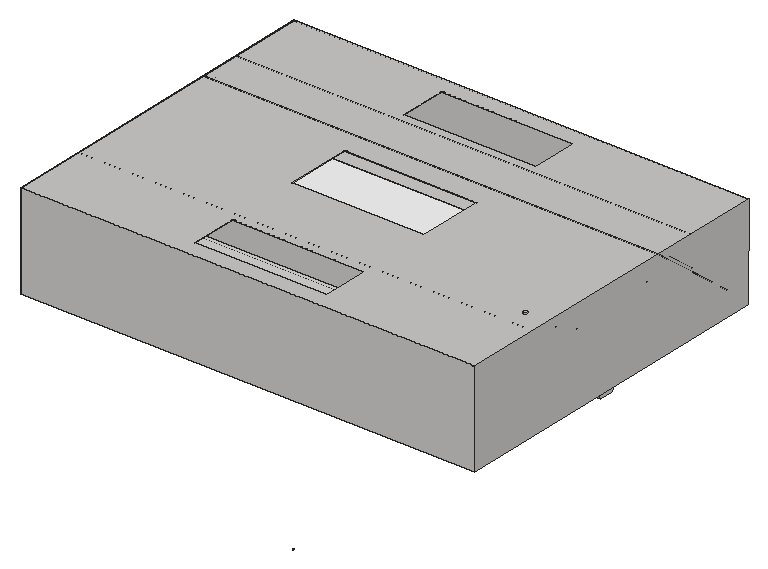
Revit family "QF_ELECTROLUXPROFESSIONAL_640235_STCF1824", category Attrezzature speciali, Revit 2021
Family settings
  Quota connettore circolare = Usa diametro
  Tipo di parte = Normale
  Basato su piano di lavoro = No
  Sempre verticale = Sì
  Taglio con vuoti quando caricato = No
  Condiviso = No
  Punto di calcolo locali = No
Parameters (values of type "Standard")
  Weight = 188.00 kg
  Watts = 320 W
  Volts = 220 V
  URL Manufacturer = "https://www.electroluxprofessional.com/"
  URL = "https://www.electroluxprofessional.com/"
  Steam Supply Size = 0 mm
  Steam Supply Minimum Pressure = 0.0 Pa
  Steam Supply Maximum Pressure = 0.0 Pa
  Steam Consumption per Hour = 0
  Refrigeration Suction Line Size = 0 mm
  Refrigeration Liquid Line Size = 0 mm
  Refrigerant Compressor Remote = yes
  Prospetto di default = 0 mm
  Produttore = "Electrolux Professional"
  Phase = 1
  Modello = "STCF1824"
  Length Actual = 2400 mm  # constant formula
  Item Number = "640235"
  Hot Water Size = 0 mm
  Height Actual = 500 mm  # constant formula
  HP = "0.4 HP"
  Gas Size = 0 mm
  Gas KW = 0
  Gas Input Pressure = 0 W
  Direct Waste Size = 0 mm
  Descrizione = "304 S/S ISLAND HOOD+FILT.+LAMPS 240X180"
  Depth Actual = 1800 mm  # constant formula
  Cycle = 50 Hz
  Condensate Return Size = 0 mm
  Compressed Air Volume = 0.0 L/s
  Compressed Air Size = 0 mm
  Compressed Air Pressure = 0.0 Pa
  Cold Water Size = 0 mm
  Accessory = yes
Reference planes
  plane 1: z = 0
  plane 2 "Center (Left/Right)": x = 150
  plane 3 "LEFT": x = -1050
  plane 4 "RIGHT": x = 1350
  plane 5 "BACK": y = 550
  plane 6 "TOP": z = 2500
  plane 7 "Base": z = 2000
  plane 8: z = 1955
  plane 9: x = -1047
  plane 10 "DrainX": x = 1230
  plane 11 "AOLeft2": x = 500
  plane 12: x = 1347
  plane 13: x = -850
  plane 14: x = 1150
  plane 15 "Center (Front/Back)": y = -350
  plane 16 "Front": y = -1250
  plane 17 "AOLeft1": x = -200
  plane 18 "EI_y": y = -770
  plane 19 "EIx": x = 1230
  plane 20: y = 464
  plane 21: y = 214
  plane 22: y = -1164
  plane 23: y = -914
  plane 24: y = -175
  plane 25: y = -525
Forms (mm)
  Extrusion 1, solid, material "QF_Finishes_Stainless Steel"
    sketch origin (-1050, 0, 360) x (0, 1, 0) y (0, 0, 1)
      loop
        line (550, 1640) -> (550, 2140) -> (-1250, 2140) -> (-1250, 1640) -> (550, 1640)
    from 0 to 3
  Extrusion 2, solid, material "QF_Finishes_Stainless Steel"
    sketch origin (1350, 0, 360) x (0, 1, 0) y (0, 0, 1)
      loop
        line (550, 1640) -> (550, 2140) -> (-1250, 2140) -> (-1250, 1640) -> (550, 1640)
    from 0 to -3
  Extrusion 3, solid, material "QF_Finishes_Stainless Steel"
    sketch origin (150, 0, 360) x (0, 1, 0) y (0, 0, 1)
      loop
        line (-1250, 2140) -> (-1250, 1640) -> (-1240, 1640) -> (-1240, 1640.8) -> (-1249.2, 1640.8) -> (-1249.2, 2139.19) -> (549.2, 2139.19) -> (549.2, 1640.8) -> (540, 1640.8) -> (540, 1640) -> (550, 1640) -> (550, 2140) -> (-1250, 2140)
    from -1200 to 1200
  Extrusion 4, solid, material "QF_Finishes_Stainless Steel"
    sketch origin (0, -840, 2000) x (0, 1, 0) y (-1, 0, 0)
      loop
        circle (490, -1230) r 4.763
    from -30 to 0
  Extrusion 5, void
    sketch origin (0, 0, 2500) x (0, 1, 0) y (-1, 0, 0)
      loop
        line (-1164, -500) -> (-914, -500) -> (-914, 200) -> (-1164, 200) -> (-1164, -500)
    from 0 to -10
  Extrusion 6, solid, material "QF_Finishes_Stainless Steel"
    sketch origin (0, 0, 0) x (1, 0, 0) y (0, 1, 0)
      loop
        line (-1050, 550) -> (-1050, 549) -> (-1049, 549) -> (-1049, 550) -> (-1050, 550)
    from 0 to 1
  Sweep 7, solid, material "QF_Finishes_Stainless Steel"
    path origin (0, 0, 0) x (1, 0, 0) y (0, 1, 0)
      loop
        line (1350, 550) -> (-1050, 550) -> (-1050, -1250) -> (1350, -1250) -> (1350, 550)
    profile origin (1350, -350, 0) x (1, 0, 0) y (0, 0, 1)
      loop
        line (-3, 2000) -> (-3, 2000.8) -> (-19, 2000.8) -> (-19, 2010) -> (-20, 2010) -> (-20, 2000) -> (-3, 2000)
  Extrusion 8, solid, material "QF_Finishes_Stainless Steel"
    sketch origin (150, -826.94, 0) x (0, 1, 0) y (0, 0, 1)
      loop
        line (414.66, 2095.469) -> (440.643, 2110.471) -> (261.744, 2411.771) -> (235.948, 2396.455) -> (414.66, 2095.469)
    from -1197 to -1000
  Extrusion 9, solid, material "QF_Finishes_Stainless Steel"
    sketch origin (1230, -840, 0) x (0, 1, 0) y (0, 0, 1)
      loop
        line (539, 2000) -> (441, 2000) -> (441, 1989) -> (448.5, 1989) -> (448.5, 1965)
        arc (448.5, 1965) -> (451.429, 1957.929) -> (458.5, 1955) r 10
        line (458.5, 1955) -> (521.5, 1955)
        arc (521.5, 1955) -> (528.571, 1957.929) -> (531.5, 1965) r 10
        line (531.5, 1965) -> (531.5, 1989) -> (539, 1989) -> (539, 2000)
    from 90 to -90
  Extrusion 10, solid, material "QF_Finishes_Stainless Steel"
    sketch origin (150, -826.94, 0) x (0, 1, 0) y (0, 0, 1)
      loop
        line (414.66, 2095.469) -> (440.643, 2110.471) -> (261.744, 2411.771) -> (235.948, 2396.455) -> (414.66, 2095.469)
    from 1000 to 1197
  Extrusion 11, solid, material "QF_Finished_Chrome"
    sketch origin (150, -826.94, 0) x (0, 1, 0) y (0, 0, 1)
      loop
        line (414.66, 2095.469) -> (440.643, 2110.471) -> (261.744, 2411.771) -> (235.948, 2396.455) -> (414.66, 2095.469)
    from -1000 to 1000
  Extrusion 12, void
    sketch origin (0, 1180, 2500) x (0, 1, 0) y (-1, 0, 0)
      loop
        line (-1355, -500) -> (-1355, 200) -> (-1705, 200) -> (-1705, -500) -> (-1355, -500)
    from 0 to -10
  Extrusion 13, solid, material "QF_Finishes_Stainless Steel"
    sketch origin (0, 0, 2500) x (0, 1, 0) y (-1, 0, 0)
      loop
        circle (-770, -1230) r 10
    from 0 to 1.6
  Extrusion 14, solid, material "QF_Finishes_Stainless Steel"
    sketch origin (150, -826.94, 360) x (0, 1, 0) y (0, 0, 1)
      loop
        line (430.005, 1640) -> (476.94, 1640) -> (476.94, 1640.8) -> (430.467, 1640.8) -> (371.906, 1742.23) -> (414.858, 1734.657) -> (442.266, 1750.481) -> (442.266, 1765.943) -> (441.466, 1765.943) -> (441.466, 1750.943) -> (414.709, 1735.495) -> (321.153, 1751.991) -> (320.875, 1750.416) -> (371.4, 1741.507) -> (430.005, 1640)
      loop
        line (172.529, 2139.19) -> (242.893, 2017.316) -> (245.133, 2018.715) -> (240.13, 2027.381) -> (238.569, 2026.405) -> (173.453, 2139.19) -> (172.529, 2139.19)
    from -1197 to 1197
  Extrusion 15, solid, material "QF_LAMPS"
    sketch origin (150, 0, 360) x (0, 1, 0) y (0, 0, 1)
      loop
        line (-872.823, 1962.324) -> (-718.948, 2086.929) -> (-727.129, 2097.032) -> (-881.003, 1972.426) -> (-872.823, 1962.324)
    from 1197 to -1197
  Extrusion 16, solid, material "QF_Finishes_Stainless Steel"
    sketch origin (150, 0, 360) x (0, 1, 0) y (0, 0, 1)
      loop
        line (-1250, 2139.19) -> (-1250, 1640) -> (-1186.602, 1640) -> (-1099.146, 1690.493) -> (-1110.058, 1709.394) -> (-1166.564, 1676.77) -> (-1214.704, 1680.982) -> (-1249.2, 1730.248) -> (-1249.2, 2139.19) -> (-1250, 2139.19)
      loop
        line (-873.6, 1961.694) -> (-881.937, 1971.99) -> (-869.095, 1982.182) -> (-869.095, 2139.19) -> (-869.895, 2139.19) -> (-869.895, 1982.569) -> (-1182.298, 1734.63) -> (-1171.091, 1720.79) -> (-873.6, 1961.694)
      loop
        line (-727.61, 2099.216) -> (-718.171, 2087.559) -> (-654.411, 2139.19) -> (-655.682, 2139.19) -> (-718.052, 2088.684) -> (-726.989, 2099.719) -> (-727.61, 2099.216)
    from -1197 to 1197
  Extrusion 17, solid, material "QF_Finishes_Stainless Steel"
    sketch origin (150, 126.94, 360) x (0, -1, 0) y (0, 0, -1)
      loop
        line (430.005, -1640) -> (371.4, -1741.507) -> (320.875, -1750.416) -> (321.153, -1751.991) -> (414.709, -1735.495) -> (441.466, -1750.943) -> (441.466, -1765.943) -> (442.266, -1765.943) -> (442.266, -1750.481) -> (414.858, -1734.657) -> (371.906, -1742.23) -> (430.467, -1640.8) -> (476.94, -1640.8) -> (476.94, -1640) -> (430.005, -1640)
      loop
        line (172.529, -2139.19) -> (173.453, -2139.19) -> (238.569, -2026.405) -> (240.13, -2027.381) -> (245.133, -2018.715) -> (242.893, -2017.316) -> (172.529, -2139.19)
    from -1197 to 1197
  Extrusion 18, solid, material "QF_LAMPS"
    sketch origin (150, -700, 360) x (0, -1, 0) y (0, 0, -1)
      loop
        line (-872.823, -1962.324) -> (-881.003, -1972.426) -> (-727.129, -2097.032) -> (-718.948, -2086.929) -> (-872.823, -1962.324)
    from 1197 to -1197
  Extrusion 19, solid, material "QF_Finishes_Stainless Steel"
    sketch origin (150, -700, 360) x (0, -1, 0) y (0, 0, -1)
      loop
        line (-1250, -2139.19) -> (-1249.2, -2139.19) -> (-1249.2, -1730.248) -> (-1214.704, -1680.982) -> (-1166.564, -1676.77) -> (-1110.058, -1709.394) -> (-1099.146, -1690.493) -> (-1186.602, -1640) -> (-1250, -1640) -> (-1250, -2139.19)
      loop
        line (-873.6, -1961.694) -> (-1171.091, -1720.79) -> (-1182.298, -1734.63) -> (-869.895, -1982.569) -> (-869.895, -2139.19) -> (-869.095, -2139.19) -> (-869.095, -1982.182) -> (-881.937, -1971.99) -> (-873.6, -1961.694)
      loop
        line (-727.61, -2099.216) -> (-726.989, -2099.719) -> (-718.052, -2088.684) -> (-655.682, -2139.19) -> (-654.411, -2139.19) -> (-718.171, -2087.559) -> (-727.61, -2099.216)
    from -1197 to 1197
  Extrusion 20, solid, material "QF_Finishes_Stainless Steel"
    sketch origin (150, 126.94, 0) x (0, -1, 0) y (0, 0, -1)
      loop
        line (414.66, -2095.469) -> (235.948, -2396.455) -> (261.744, -2411.771) -> (440.643, -2110.471) -> (414.66, -2095.469)
    from -1197 to -1000
  Extrusion 21, solid, material "QF_Finishes_Stainless Steel"
    sketch origin (150, 126.94, 0) x (0, -1, 0) y (0, 0, -1)
      loop
        line (414.66, -2095.469) -> (235.948, -2396.455) -> (261.744, -2411.771) -> (440.643, -2110.471) -> (414.66, -2095.469)
    from 1000 to 1197
  Extrusion 22, solid, material "QF_Finished_Chrome"
    sketch origin (150, 126.94, 0) x (0, -1, 0) y (0, 0, -1)
      loop
        line (414.66, -2095.469) -> (235.948, -2396.455) -> (261.744, -2411.771) -> (440.643, -2110.471) -> (414.66, -2095.469)
    from -1000 to 1000
  Extrusion 23, void
    sketch origin (0, 814, 2500) x (0, 1, 0) y (-1, 0, 0)
      loop
        line (-600, -500) -> (-350, -500) -> (-350, 200) -> (-600, 200) -> (-600, -500)
    from 0 to -10
Cuts and joins
  Extrusion 5, Extrusion 12, Extrusion 23 cuts Extrusion 3
  joined: Extrusion 2, Extrusion 3, Sweep 7
Lines and regions (mm)
  symbolic lines, style "SpecialityEquipment", detail levels coarse
    curve 1: line (1350, 550, 2500) -> (-1050, 550, 2500)
    curve 2: line (-1050, 550, 2500) -> (-1050, -1250, 2500)
    curve 3: line (1350, -1250, 2500) -> (1350, 550, 2500)
    curve 4: line (-1050, 550, 0) -> (1350, -1250, 0)
    curve 5: line (1350, 550, 0) -> (-1050, -1250, 0)
    curve 6: line (-1050, -1250, 0) -> (1350, -1250, 0)
  symbolic lines, detail levels coarse
    curve 7: line (-200, 464, 2500) -> (500, 464, 2500)
    curve 8: line (-200, 214, 2500) -> (-200, 464, 2500)
    curve 9: line (500, 214, 2500) -> (-200, 214, 2500)
    curve 10: line (500, 464, 2500) -> (500, 214, 2500)
    curve 11: line (-200, -175, 2500) -> (500, -175, 2500)
    curve 12: line (-200, -525, 2500) -> (-200, -175, 2500)
    curve 13: line (500, -525, 2500) -> (-200, -525, 2500)
    curve 14: line (500, -175, 2500) -> (500, -525, 2500)
    curve 15: line (-200, -914, 2500) -> (500, -914, 2500)
    curve 16: line (-200, -1164, 2500) -> (-200, -914, 2500)
    curve 17: line (500, -1164, 2500) -> (-200, -1164, 2500)
    curve 18: line (500, -914, 2500) -> (500, -1164, 2500)
Dimensions and locks
  plane 3 "LEFT" to plane 4 "RIGHT" = 2400 mm
  equal spacing: plane 3 "LEFT", plane 2 "Center (Left/Right)", plane 4 "RIGHT"
  plane 7 "Base" to plane 8 = 45 mm
  plane 3 "LEFT" to plane 9 = 3 mm
  plane 10 "DrainX" to plane 4 "RIGHT" = 120 mm
  plane 12 to plane 4 "RIGHT" = 3 mm
  plane 3 "LEFT" to plane 13 = 200 mm
  plane 14 to plane 4 "RIGHT" = 200 mm
  locked: plane 7 "Base" to level at 2000
  locked: plane 6 "TOP" to plane 7 "Base" at 500
  equal spacing: plane 5 "BACK", plane 15 "Center (Front/Back)", plane 16 "Front"
  locked: plane 18 "EI_y" to plane 16 "Front" at 480
  locked: plane 19 "EIx" to plane 4 "RIGHT" at 120
  locked: plane 5 "BACK" to plane 20 at 86
  plane 20 to plane 21 = 250 mm
  locked: plane 22 to plane 16 "Front" at 86
  locked: plane 22 to plane 23 at 250
  plane 24 to plane 15 "Center (Front/Back)" = 175 mm
  plane 15 "Center (Front/Back)" to plane 25 = 175 mm
  locked: plane 5 "BACK" to plane 16 "Front" at 1800
  plane 5 "BACK" to plane 16 "Front" = 1800 mm
  plane 24 to plane 25 = 350 mm
  equal spacing: plane 17 "AOLeft1", plane 2 "Center (Left/Right)", plane 11 "AOLeft2"
  locked: plane 17 "AOLeft1" to plane 11 "AOLeft2" at 700
  aligned and locked: level to plane 1
  aligned and locked: plane 4 "RIGHT" to Extrusion 3
  aligned and locked: Extrusion 3 to plane 3 "LEFT"
  aligned and locked: Extrusion 2 to plane 12
  aligned and locked: Extrusion 8 to plane 9
  aligned and locked: plane 17 "AOLeft1" to Extrusion 5
  aligned and locked: Extrusion 5 to plane 11 "AOLeft2"
  aligned and locked: Extrusion 8 to plane 13
  aligned and locked: plane 14 to Extrusion 10
  aligned and locked: plane 12 to Extrusion 10
  aligned and locked: plane 13 to Extrusion 11
  aligned and locked: Extrusion 11 to plane 14
  aligned and locked: Extrusion 12 to plane 17 "AOLeft1"
  aligned and locked: Extrusion 12 to plane 11 "AOLeft2"
  aligned and locked: Extrusion 14 to plane 9
  aligned and locked: plane 12 to Extrusion 14
  aligned and locked: Extrusion 22 to plane 13
  aligned and locked: Extrusion 22 to plane 14
  aligned and locked: plane 22 to Extrusion 5
  aligned and locked: Extrusion 5 to plane 23
  aligned and locked: Extrusion 23 to plane 17 "AOLeft1"
  aligned and locked: Extrusion 23 to plane 11 "AOLeft2"
  aligned and locked: plane 24 to Extrusion 12
  aligned and locked: Extrusion 12 to plane 25
  aligned and locked: plane 20 to Extrusion 23
  aligned and locked: Extrusion 23 to plane 21
  aligned and locked: Extrusion 19 to plane 9
  aligned and locked: Extrusion 18 to plane 9
  aligned and locked: Extrusion 17 to plane 9
  aligned and locked: plane 9 to Extrusion 20
  aligned and locked: Extrusion 16 to plane 9
  aligned and locked: Extrusion 15 to plane 9
  aligned and locked: plane 12 to Extrusion 19
  aligned and locked: plane 12 to Extrusion 18
  aligned and locked: plane 12 to Extrusion 17
  aligned and locked: Extrusion 21 to plane 12
  aligned and locked: plane 12 to Extrusion 15
  aligned and locked: Extrusion 16 to plane 12
  aligned and locked: Extrusion 20 to plane 13
  aligned and locked: plane 14 to Extrusion 21
Automatic sketch dimensions
  curve 6 to plane 3 "LEFT" = 0 mm
  curve 4 to plane 3 "LEFT" = 0 mm
  curve 5 to plane 4 "RIGHT" = 0 mm
  curve 6 to plane 4 "RIGHT" = 0 mm
  curve 4 to plane 16 "Front" = 0 mm
  curve 5 to plane 5 "BACK" = 0 mm
  curve 4 to plane 5 "BACK" = 0 mm
  Extrusion 1 sketch curve to plane 7 "Base" = 0 mm
  Extrusion 1 sketch curve to plane 16 "Front" = 0 mm
  Extrusion 1 sketch curve to plane 5 "BACK" = 0 mm
  Extrusion 1 sketch curve to plane 6 "TOP" = 0 mm
  Extrusion 2 sketch curve to plane 7 "Base" = 0 mm
  Extrusion 2 sketch curve to plane 16 "Front" = 0 mm
  Extrusion 2 sketch curve to plane 5 "BACK" = 0 mm
  Extrusion 2 sketch curve to plane 6 "TOP" = 0 mm
  Extrusion 3 sketch curve to plane 6 "TOP" = 0 mm
  Extrusion 3 sketch curve to plane 16 "Front" = 0 mm
  Extrusion 3 sketch curve to plane 7 "Base" = 0 mm  (x2)
  Extrusion 3 sketch curve to plane 5 "BACK" = 0 mm
  plane 16 "Front" to Extrusion 3 sketch curve = 0.8 mm
  Extrusion 3 sketch curve to Extrusion 3 sketch curve = 9.2 mm
  plane 7 "Base" to Extrusion 3 sketch curve = 0.8 mm  (x2)
  Extrusion 3 sketch curve to plane 5 "BACK" = 10 mm
  Extrusion 3 sketch curve to plane 5 "BACK" = 0.8 mm
  Extrusion 3 sketch curve to plane 6 "TOP" = 0.81 mm
  Extrusion 4 sketch curve to plane 10 "DrainX" = 0 mm
  Extrusion 4 sketch curve to plane 15 "Center (Front/Back)" = 0 mm
  Extrusion 5 sketch curve to plane 17 "AOLeft1" = 0 mm
  plane 22 to Extrusion 5 sketch curve = 0 mm
  Extrusion 5 sketch curve to plane 11 "AOLeft2" = 0 mm
  plane 23 to Extrusion 5 sketch curve = 0 mm
  Extrusion 6 sketch curve to plane 3 "LEFT" = 0 mm
  Extrusion 6 sketch curve to plane 5 "BACK" = 0 mm
  plane 3 "LEFT" to Extrusion 6 sketch curve = 1 mm
  Extrusion 6 sketch curve to Extrusion 6 sketch curve = 1 mm
  Sweep 7 sketch curve to plane 3 "LEFT" = 0 mm
  Sweep 7 sketch curve to plane 4 "RIGHT" = 0 mm
  Sweep 7 sketch curve to plane 16 "Front" = 0 mm
  Sweep 7 sketch curve to plane 5 "BACK" = 0 mm
  profile plane to Sweep 7 sketch curve = 20 mm
  Sweep 7 sketch curve to Sweep 7 sketch curve = 1 mm
  profile plane to Sweep 7 sketch curve = 3 mm
  level to Sweep 7 sketch curve = 2000 mm
  Sweep 7 sketch curve to Sweep 7 sketch curve = 0.8 mm
  Sweep 7 sketch curve to Sweep 7 sketch curve = 9.2 mm
  Extrusion 8 sketch curve to plane 25 = 65.992 mm
  Extrusion 8 sketch curve to Extrusion 8 sketch curve = 25.795 mm
  Extrusion 8 sketch curve to plane 15 "Center (Front/Back)" = 62.28 mm
  Extrusion 8 sketch curve to Extrusion 8 sketch curve = 25.983 mm
  plane 7 "Base" to Extrusion 8 sketch curve = 95.469 mm
  Extrusion 8 sketch curve to Extrusion 8 sketch curve = 15.001 mm
  Extrusion 8 sketch curve to plane 6 "TOP" = 103.545 mm
  Extrusion 8 sketch curve to Extrusion 8 sketch curve = 15.316 mm
  Extrusion 9 sketch curve to plane 8 = 0 mm
  Extrusion 9 sketch curve to plane 7 "Base" = 11 mm  (x2)
  Extrusion 9 sketch curve to plane 15 "Center (Front/Back)" = 49 mm
  Extrusion 9 sketch curve to Extrusion 9 sketch curve = 7.5 mm  (x2)
  Extrusion 9 sketch curve to Extrusion 9 sketch curve = 10 mm  (x2)
  plane 15 "Center (Front/Back)" to Extrusion 9 sketch curve = 31.5 mm
  plane 7 "Base" to Extrusion 9 sketch curve = 0 mm
  Extrusion 10 sketch curve to plane 25 = 65.992 mm
  Extrusion 10 sketch curve to Extrusion 10 sketch curve = 25.795 mm
  Extrusion 10 sketch curve to plane 15 "Center (Front/Back)" = 62.28 mm
  Extrusion 10 sketch curve to Extrusion 10 sketch curve = 25.983 mm
  plane 7 "Base" to Extrusion 10 sketch curve = 95.469 mm
  Extrusion 10 sketch curve to Extrusion 10 sketch curve = 15.001 mm
  Extrusion 10 sketch curve to plane 6 "TOP" = 103.545 mm
  Extrusion 10 sketch curve to Extrusion 10 sketch curve = 15.316 mm
  Extrusion 11 sketch curve to plane 25 = 65.992 mm
  Extrusion 11 sketch curve to Extrusion 11 sketch curve = 25.795 mm
  Extrusion 11 sketch curve to plane 15 "Center (Front/Back)" = 62.28 mm
  Extrusion 11 sketch curve to Extrusion 11 sketch curve = 25.983 mm
  plane 7 "Base" to Extrusion 11 sketch curve = 95.469 mm
  Extrusion 11 sketch curve to Extrusion 11 sketch curve = 15.001 mm
  Extrusion 11 sketch curve to plane 6 "TOP" = 103.545 mm
  Extrusion 11 sketch curve to Extrusion 11 sketch curve = 15.316 mm
  Extrusion 12 sketch curve to plane 11 "AOLeft2" = 0 mm
  Extrusion 12 sketch curve to plane 21 = 739 mm
  Extrusion 12 sketch curve to plane 20 = 639 mm
  Extrusion 12 sketch curve to plane 17 "AOLeft1" = 0 mm
  Extrusion 13 sketch curve to plane 18 "EI_y" = 0 mm
  Extrusion 13 sketch curve to plane 19 "EIx" = 0 mm
  Extrusion 14 sketch curve to plane 7 "Base" = 0 mm
  Extrusion 14 sketch curve to plane 6 "TOP" = 0.81 mm
  plane 18 "EI_y" to Extrusion 14 sketch curve = 115.589 mm
  Extrusion 14 sketch curve to Extrusion 14 sketch curve = 0.924 mm
  Extrusion 14 sketch curve to plane 25 = 63.371 mm
  Extrusion 14 sketch curve to Extrusion 14 sketch curve = 1.561 mm
  Extrusion 14 sketch curve to Extrusion 14 sketch curve = 4.324 mm
  Extrusion 14 sketch curve to Extrusion 14 sketch curve = 2.24 mm
  plane 25 to Extrusion 14 sketch curve = 18.935 mm
  Extrusion 14 sketch curve to Extrusion 14 sketch curve = 0.278 mm
  Extrusion 14 sketch curve to Extrusion 14 sketch curve = 50.525 mm
  Extrusion 14 sketch curve to Extrusion 14 sketch curve = 0.506 mm
  Extrusion 14 sketch curve to Extrusion 14 sketch curve = 42.803 mm
  Extrusion 14 sketch curve to Extrusion 14 sketch curve = 0.148 mm
  Extrusion 14 sketch curve to plane 15 "Center (Front/Back)" = 46.935 mm
  plane 7 "Base" to Extrusion 14 sketch curve = 0.8 mm
  Extrusion 14 sketch curve to Extrusion 14 sketch curve = 0.462 mm  (x2)
  Extrusion 14 sketch curve to Extrusion 14 sketch curve = 46.473 mm
  Extrusion 14 sketch curve to plane 15 "Center (Front/Back)" = 35.474 mm
  Extrusion 14 sketch curve to Extrusion 14 sketch curve = 0.8 mm
  plane 7 "Base" to Extrusion 14 sketch curve = 94.657 mm
  Extrusion 14 sketch curve to Extrusion 14 sketch curve = 0.838 mm
  Extrusion 14 sketch curve to Extrusion 14 sketch curve = 6.012 mm
  Extrusion 14 sketch curve to Extrusion 14 sketch curve = 0.723 mm
  Extrusion 14 sketch curve to Extrusion 14 sketch curve = 14.986 mm
  Extrusion 14 sketch curve to Extrusion 14 sketch curve = 15 mm
  Extrusion 14 sketch curve to plane 6 "TOP" = 122.684 mm
  Extrusion 14 sketch curve to Extrusion 14 sketch curve = 1.399 mm
  Extrusion 14 sketch curve to Extrusion 14 sketch curve = 9.089 mm
  Extrusion 14 sketch curve to Extrusion 14 sketch curve = 0.975 mm
  Extrusion 15 sketch curve to plane 23 = 32.997 mm
  Extrusion 15 sketch curve to Extrusion 15 sketch curve = 8.181 mm  (x2)
  plane 18 "EI_y" to Extrusion 15 sketch curve = 42.871 mm
  Extrusion 15 sketch curve to plane 6 "TOP" = 177.676 mm
  Extrusion 15 sketch curve to Extrusion 15 sketch curve = 10.102 mm
  Extrusion 15 sketch curve to plane 6 "TOP" = 53.071 mm
  Extrusion 15 sketch curve to Extrusion 15 sketch curve = 10.103 mm
  Extrusion 16 sketch curve to plane 7 "Base" = 0 mm
  Extrusion 16 sketch curve to plane 16 "Front" = 0 mm
  Extrusion 16 sketch curve to Extrusion 16 sketch curve = 0.8 mm  (x2)
  plane 16 "Front" to Extrusion 16 sketch curve = 35.296 mm
  plane 22 to Extrusion 16 sketch curve = 22.602 mm
  plane 22 to Extrusion 16 sketch curve = 18.298 mm
  plane 22 to Extrusion 16 sketch curve = 7.091 mm
  plane 22 to Extrusion 16 sketch curve = 2.564 mm
  Extrusion 16 sketch curve to plane 22 = 53.942 mm
  Extrusion 16 sketch curve to Extrusion 16 sketch curve = 10.912 mm
  Extrusion 16 sketch curve to plane 23 = 32.063 mm
  Extrusion 16 sketch curve to Extrusion 16 sketch curve = 8.337 mm
  Extrusion 16 sketch curve to Extrusion 16 sketch curve = 12.042 mm
  plane 18 "EI_y" to Extrusion 16 sketch curve = 42.39 mm
  Extrusion 16 sketch curve to Extrusion 16 sketch curve = 0.622 mm
  Extrusion 16 sketch curve to Extrusion 16 sketch curve = 9.44 mm
  Extrusion 16 sketch curve to Extrusion 16 sketch curve = 0.118 mm
  Extrusion 16 sketch curve to plane 6 "TOP" = 0.81 mm  (x3)
  Extrusion 16 sketch curve to Extrusion 16 sketch curve = 62.37 mm
  Extrusion 16 sketch curve to Extrusion 16 sketch curve = 1.271 mm
  plane 7 "Base" to Extrusion 16 sketch curve = 36.77 mm
  plane 7 "Base" to Extrusion 16 sketch curve = 40.982 mm
  plane 7 "Base" to Extrusion 16 sketch curve = 50.493 mm
  Extrusion 16 sketch curve to Extrusion 16 sketch curve = 18.901 mm
  Extrusion 16 sketch curve to Extrusion 16 sketch curve = 44.02 mm
  Extrusion 16 sketch curve to Extrusion 16 sketch curve = 49.266 mm
  Extrusion 16 sketch curve to Extrusion 16 sketch curve = 13.84 mm
  Extrusion 16 sketch curve to plane 6 "TOP" = 178.306 mm
  Extrusion 16 sketch curve to Extrusion 16 sketch curve = 10.296 mm
  Extrusion 16 sketch curve to Extrusion 16 sketch curve = 10.192 mm
  Extrusion 16 sketch curve to Extrusion 16 sketch curve = 0.386 mm
  Extrusion 16 sketch curve to plane 6 "TOP" = 52.441 mm
  Extrusion 16 sketch curve to Extrusion 16 sketch curve = 1.125 mm
  Extrusion 17 sketch curve to plane 7 "Base" = 0 mm
  plane 6 "TOP" to Extrusion 17 sketch curve = 0.81 mm
  Extrusion 17 sketch curve to plane 24 = 129.411 mm
  Extrusion 17 sketch curve to Extrusion 17 sketch curve = 0.924 mm
  Extrusion 17 sketch curve to plane 24 = 63.371 mm
  Extrusion 17 sketch curve to Extrusion 17 sketch curve = 1.561 mm
  Extrusion 17 sketch curve to Extrusion 17 sketch curve = 4.324 mm
  Extrusion 17 sketch curve to Extrusion 17 sketch curve = 2.24 mm
  plane 24 to Extrusion 17 sketch curve = 18.935 mm
  Extrusion 17 sketch curve to Extrusion 17 sketch curve = 0.278 mm
  Extrusion 17 sketch curve to Extrusion 17 sketch curve = 50.525 mm
  Extrusion 17 sketch curve to Extrusion 17 sketch curve = 0.506 mm
  Extrusion 17 sketch curve to Extrusion 17 sketch curve = 42.803 mm
  Extrusion 17 sketch curve to Extrusion 17 sketch curve = 0.148 mm
  Extrusion 17 sketch curve to plane 15 "Center (Front/Back)" = 46.935 mm
  Extrusion 17 sketch curve to plane 7 "Base" = 0.8 mm
  Extrusion 17 sketch curve to Extrusion 17 sketch curve = 0.462 mm  (x2)
  Extrusion 17 sketch curve to Extrusion 17 sketch curve = 46.473 mm
  Extrusion 17 sketch curve to plane 15 "Center (Front/Back)" = 35.474 mm
  Extrusion 17 sketch curve to Extrusion 17 sketch curve = 0.8 mm
  Extrusion 17 sketch curve to plane 7 "Base" = 94.657 mm
  Extrusion 17 sketch curve to Extrusion 17 sketch curve = 0.838 mm
  Extrusion 17 sketch curve to Extrusion 17 sketch curve = 6.012 mm
  Extrusion 17 sketch curve to Extrusion 17 sketch curve = 0.723 mm
  Extrusion 17 sketch curve to Extrusion 17 sketch curve = 14.986 mm
  Extrusion 17 sketch curve to Extrusion 17 sketch curve = 15 mm
  plane 6 "TOP" to Extrusion 17 sketch curve = 122.684 mm
  Extrusion 17 sketch curve to Extrusion 17 sketch curve = 1.399 mm
  Extrusion 17 sketch curve to Extrusion 17 sketch curve = 9.089 mm
  Extrusion 17 sketch curve to Extrusion 17 sketch curve = 0.975 mm
  plane 21 to Extrusion 18 sketch curve = 32.997 mm
  Extrusion 18 sketch curve to Extrusion 18 sketch curve = 8.181 mm  (x2)
  plane 6 "TOP" to Extrusion 18 sketch curve = 42.968 mm
  plane 21 to Extrusion 18 sketch curve = 186.871 mm
  plane 6 "TOP" to Extrusion 18 sketch curve = 53.071 mm
  plane 6 "TOP" to Extrusion 18 sketch curve = 167.574 mm
  Extrusion 18 sketch curve to Extrusion 18 sketch curve = 10.102 mm
  Extrusion 19 sketch curve to plane 5 "BACK" = 0 mm
  Extrusion 19 sketch curve to plane 7 "Base" = 0 mm
  Extrusion 19 sketch curve to Extrusion 19 sketch curve = 0.8 mm  (x2)
  plane 5 "BACK" to Extrusion 19 sketch curve = 35.296 mm
  Extrusion 19 sketch curve to plane 20 = 22.602 mm
  Extrusion 19 sketch curve to plane 20 = 18.298 mm
  Extrusion 19 sketch curve to plane 20 = 7.091 mm
  Extrusion 19 sketch curve to plane 20 = 2.564 mm
  plane 20 to Extrusion 19 sketch curve = 53.942 mm
  Extrusion 19 sketch curve to Extrusion 19 sketch curve = 10.912 mm
  plane 21 to Extrusion 19 sketch curve = 32.063 mm
  Extrusion 19 sketch curve to Extrusion 19 sketch curve = 8.337 mm
  Extrusion 19 sketch curve to Extrusion 19 sketch curve = 12.042 mm
  plane 6 "TOP" to Extrusion 19 sketch curve = 40.784 mm
  Extrusion 19 sketch curve to Extrusion 19 sketch curve = 141.485 mm
  plane 6 "TOP" to Extrusion 19 sketch curve = 40.281 mm
  Extrusion 19 sketch curve to Extrusion 19 sketch curve = 0.622 mm
  plane 6 "TOP" to Extrusion 19 sketch curve = 52.441 mm
  plane 6 "TOP" to Extrusion 19 sketch curve = 51.316 mm
  plane 6 "TOP" to Extrusion 19 sketch curve = 0.81 mm  (x3)
  Extrusion 19 sketch curve to Extrusion 19 sketch curve = 62.37 mm
  Extrusion 19 sketch curve to Extrusion 19 sketch curve = 1.271 mm
  Extrusion 19 sketch curve to plane 7 "Base" = 36.77 mm
  Extrusion 19 sketch curve to plane 7 "Base" = 40.982 mm
  Extrusion 19 sketch curve to plane 7 "Base" = 50.493 mm
  Extrusion 19 sketch curve to Extrusion 19 sketch curve = 18.901 mm
  Extrusion 19 sketch curve to Extrusion 19 sketch curve = 44.02 mm
  Extrusion 19 sketch curve to Extrusion 19 sketch curve = 49.266 mm
  Extrusion 19 sketch curve to Extrusion 19 sketch curve = 13.84 mm
  plane 6 "TOP" to Extrusion 19 sketch curve = 178.306 mm
  Extrusion 19 sketch curve to Extrusion 19 sketch curve = 10.296 mm
  Extrusion 19 sketch curve to Extrusion 19 sketch curve = 10.192 mm
  Extrusion 19 sketch curve to Extrusion 19 sketch curve = 0.386 mm
  Extrusion 20 sketch curve to plane 24 = 65.992 mm
  Extrusion 20 sketch curve to Extrusion 20 sketch curve = 25.795 mm
  Extrusion 20 sketch curve to plane 15 "Center (Front/Back)" = 62.28 mm
  Extrusion 20 sketch curve to Extrusion 20 sketch curve = 25.983 mm
  Extrusion 20 sketch curve to plane 7 "Base" = 95.469 mm
  Extrusion 20 sketch curve to Extrusion 20 sketch curve = 15.001 mm
  plane 6 "TOP" to Extrusion 20 sketch curve = 103.545 mm
  Extrusion 20 sketch curve to Extrusion 20 sketch curve = 15.316 mm
  Extrusion 21 sketch curve to plane 24 = 65.992 mm
  Extrusion 21 sketch curve to Extrusion 21 sketch curve = 25.795 mm
  Extrusion 21 sketch curve to plane 15 "Center (Front/Back)" = 62.28 mm
  Extrusion 21 sketch curve to Extrusion 21 sketch curve = 25.983 mm
  Extrusion 21 sketch curve to plane 7 "Base" = 95.469 mm
  Extrusion 21 sketch curve to Extrusion 21 sketch curve = 15.001 mm
  plane 6 "TOP" to Extrusion 21 sketch curve = 103.545 mm
  Extrusion 21 sketch curve to Extrusion 21 sketch curve = 15.316 mm
  Extrusion 22 sketch curve to plane 24 = 65.992 mm
  Extrusion 22 sketch curve to Extrusion 22 sketch curve = 25.795 mm
  Extrusion 22 sketch curve to plane 15 "Center (Front/Back)" = 62.28 mm
  Extrusion 22 sketch curve to Extrusion 22 sketch curve = 25.983 mm
  Extrusion 22 sketch curve to plane 7 "Base" = 95.469 mm
  Extrusion 22 sketch curve to Extrusion 22 sketch curve = 15.001 mm
  plane 6 "TOP" to Extrusion 22 sketch curve = 103.545 mm
  Extrusion 22 sketch curve to Extrusion 22 sketch curve = 15.316 mm
  plane 15 "Center (Front/Back)" to Extrusion 23 sketch curve = 564 mm
  plane 11 "AOLeft2" to Extrusion 23 sketch curve = 0 mm
  plane 17 "AOLeft1" to Extrusion 23 sketch curve = 0 mm
  plane 24 to Extrusion 23 sketch curve = 639 mm
  curve 2 to plane 3 "LEFT" = 0 mm
  curve 2 to plane 16 "Front" = 0 mm
  curve 3 to plane 4 "RIGHT" = 0 mm
  curve 3 to plane 16 "Front" = 0 mm
  curve 17 to plane 17 "AOLeft1" = 0 mm
  plane 22 to curve 17 = 0 mm
  plane 23 to curve 16 = 0 mm
  curve 12 to plane 17 "AOLeft1" = 0 mm
  curve 12 to plane 25 = 0 mm
  curve 11 to plane 11 "AOLeft2" = 0 mm
  curve 11 to plane 24 = 0 mm
  curve 8 to plane 17 "AOLeft1" = 0 mm
  curve 8 to plane 21 = 0 mm
  curve 8 to plane 20 = 0 mm
  curve 2 to plane 5 "BACK" = 0 mm
  curve 15 to plane 11 "AOLeft2" = 0 mm
  curve 7 to plane 11 "AOLeft2" = 0 mm
  radius of Extrusion 4 sketch curve = 4.763 mm
  radius of Extrusion 13 sketch curve = 10 mm
Connectors
  piping at (1230, -350, 1970), diameter 9.5
    settings: on Extrusion 4, index 1, connector inside diameter 609.6 mm, connector length 0 mm, flow factor 0, pipe flow 0.0 L/s, pressure drop 0.0 Pa, fitting loss kfactor 0, connector angle 0.00°, fixture units 0, engagement length 0 mm, angle of deflection 0.00°, flow configuration 1, flow direction 2, fitting loss method 0, system type 16, joint type 0, gender type 0, connector reference index -1, connector utility 0, adjustable connector no, is connector primary yes, connector description "Drain"
  hvac at (150, -1039, 2500)
    settings: on Extrusion 5, index 2, duct flow 0.0 L/s, flow factor 0, pres drop 0.0 Pa, loss coef 0, conn angle 0.00°, conn width 250 mm, conn height 700 mm, conn diameter 609.6 mm, duct sys type 1, conn prof type 1, flow config 1, flow direction 1, loss method 0, conn ref index -1, conn util no, is conn primary yes, conn desc "AIR INLET"
  hvac at (150, -350, 2500)
    settings: on Extrusion 12, index 4, duct flow 0.0 L/s, flow factor 0, pres drop 0.0 Pa, loss coef 0, conn angle 0.00°, conn width 350 mm, conn height 700 mm, conn diameter 609.6 mm, duct sys type 3, conn prof type 1, flow config 1, flow direction 2, loss method 0, conn ref index -1, conn util no, is conn primary no, conn desc "EXHAUST OUTLET"
  electrical at (1230, -770, 2501.6), driven by "Volts"
    settings: on Extrusion 13, index 6, voltage 220 V, apparent load 0 VA, apparent load phase1 0 VA, apparent load phase2 0 VA, apparent load phase3 0 VA, power factor 1, load classification "Other", number of poles 1, system type 30, power factor state 1, is connector primary yes, connector utility no, sub classification motor no, connector description "Electrical Connection"
  hvac at (150, 339, 2500)
    settings: on Extrusion 23, index 7, duct flow 0.0 L/s, flow factor 0, pres drop 0.0 Pa, loss coef 0, conn angle 0.00°, conn width 250 mm, conn height 700 mm, conn diameter 609.6 mm, duct sys type 1, conn prof type 1, flow config 1, flow direction 1, loss method 0, conn ref index -1, conn util no, is conn primary no, conn desc "AIR INLET"
